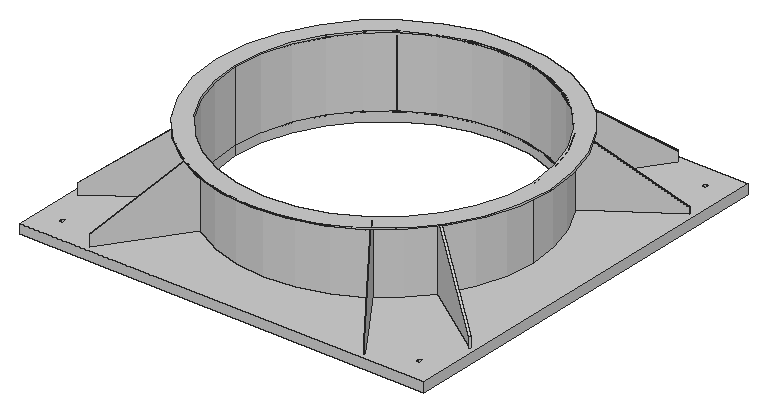
Revit family "ПК-ВО", category Арматура воздуховодов, Revit 2021
Family settings
  Размер круглого соединителя = Использовать диаметр
  Тип детали = Присоединяется
  На основе рабочей плоскости = Нет
  Всегда вертикально = Да
  При загрузке вырезать с полостями = Нет
  Общий = Нет
Parameters (values of type "ПК-ВО-1250")
  Отметка по умолчанию = 0 mm
  Вес = "107 кг"
  h = 40 mm
  Maintenance zone material = none
  Load Classification = "HVAC"
  H = 340 mm
  Grid Material = Условный материал-отделка
  Dy = 1250 mm
  D2 = 1400 mm
  Dn = Dy + 10 mm  # 1260 mm
  Casing Material = Условный материал-отделка
  B = 1700 mm
  A = 1500 mm
  K = (B - Dn) / 2 + (0.1 * Dn) + 30 mm  # 376 mm
  k = Dn / 2  # 630 mm
  09_System_Name [instance] = ""
  00_20_Type = "ПК-ВО-1250"
  00_20_Name = "Даховий перехідник"
  00_20_Manufacturer = "Вентс"  # constant formula
Types (12, lengths in mm): name | Вес | h | H | Dy | D2 | Dn | B | A | K | k | 00_20_Type
  (no name) | "107 кг" | 40 | 340 | 1250 | 1400 | 1260 | 1700 | 1500 | 376 | 630 | "ПК-ВО-1250"
  ПК-ВО-400 | "17.5 кг" | 20 | 170 | 400 | 490 | 410 | 701 | 580 | 216.5 | 205 | "ПК-ВО-400"
  ПК-ВО-450 | "16.5 кг" | 20 | 170 | 450 | 540 | 460 | 701 | 580 | 196.5 | 230 | "ПК-ВО-450"
  ПК-ВО-1250 | "107 кг" | 40 | 340 | 1250 | 1400 | 1260 | 1700 | 1500 | 376 | 630 | "ПК-ВО-1250"
  ПК-ВО-1120 | "91.3 кг" | 40 | 340 | 1120 | 1270 | 1130 | 1510 | 1340 | 333 | 565 | "ПК-ВО-1120"
  ПК-ВО-500 | "20.3 кг" | 20 | 170 | 500 | 600 | 510 | 770 | 640 | 211 | 255 | "ПК-ВО-500"
  ПК-ВО-560 | "27.2 кг" | 20 | 170 | 560 | 660 | 570 | 920 | 750 | 262 | 285 | "ПК-ВО-560"
  ПК-ВО-630 | "25.5 кг" | 20 | 170 | 630 | 730 | 640 | 920 | 750 | 234 | 320 | "ПК-ВО-630"
  ПК-ВО-710 | "53 кг" | 40 | 290 | 710 | 810 | 720 | 1150 | 980 | 317 | 360 | "ПК-ВО-710"
  ПК-ВО-800 | "51.1 кг" | 40 | 290 | 800 | 900 | 810 | 1150 | 980 | 281 | 405 | "ПК-ВО-800"
  ПК-ВО-900 | "54.5 кг" | 40 | 290 | 900 | 1015 | 910 | 1220 | 1050 | 276 | 455 | "ПК-ВО-900"
  ПК-ВО-1000 | "93.4 кг" | 40 | 340 | 1000 | 1115 | 1010 | 1510 | 1340 | 381 | 505 | "ПК-ВО-1000"
Reference planes
  plane 1 "По центру (Вперед/Назад)": y = 0
  plane 2: z = 0
  plane 3 "По центру (Влево/Вправо)": x = 0
  plane 4: y = 850
  plane 5: y = -850
  plane 6: x = 850
  plane 7: x = -850
  plane 8: z = 340
  plane 9: x = -750
  plane 10: x = 750
  plane 11: y = -750
  plane 12: y = 750
  plane 13: x = -630
  plane 14: x = 630
  plane 15 "55": through (0, 0, 1200) normal (-0.5736, 0.8192, 0)
  plane 16 "325": through (0, 0, 165) normal (0.8192, 0.5736, 0)
  plane 17 "35": through (0, 0, 1200) normal (-0.8192, 0.5736, 0)
  plane 18 "305": through (0, 0, 20) normal (-0.5736, -0.8192, 0)
Forms (mm)
  Extrusion 1, solid, material "Условный материал-отделка" <- "Casing Material"
    sketch origin (0, 0, 0) x (1, 0, 0) y (0, 1, 0)
      loop
        line (-850, 850) -> (-850, -850) -> (850, -850) -> (850, 850) -> (-850, 850)
      loop
        circle (0, 0) r 625
      loop
        circle (-750, 750) r 8.5
      loop
        circle (750, 750) r 8.5
      loop
        circle (750, -750) r 8.5
      loop
        circle (-750, -750) r 8.5
    from 0 to 40
  Extrusion 2, solid, material "Условный материал-отделка" <- "Casing Material"
    sketch origin (0, 0, 0) x (1, 0, 0) y (0, 1, 0)
      loop
        circle (0, 0) r 630
      loop
        circle (0, 0) r 625
    from 40 <- "h" to 335
  Extrusion 3, solid, material "Условный материал-отделка" <- "Casing Material"
    sketch origin (0, 0, 0) x (1, 0, 0) y (0, 1, 0)
      loop
        circle (0, 0) r 700
      loop
        circle (0, 0) r 625
    from 335 to 340
  Extrusion 4, solid, material "Условный материал-отделка" <- "Casing Material"
    sketch origin (-2.196, -1.537, -14.136) x (-0.819152, -0.573576, 0) y (0, 0, 1)
      loop
        line (639.84, 349.136) -> (627.319, 349.136) -> (627.319, 54.136) -> (1003.319, 54.136) -> (1003.319, 97.085) -> (639.84, 349.136)
    from -2.5 to 2.5
  Extrusion 5, solid, material "Условный материал-отделка" <- "Casing Material"
    sketch origin (2.196, 1.537, -14.136) x (0.819152, 0.573576, 0) y (0, 0, -1)
      loop
        line (639.84, -349.136) -> (1003.319, -77.085) -> (1003.319, -54.136) -> (627.319, -54.136) -> (627.319, -349.136) -> (639.84, -349.136)
    from -2.5 to 2.5
  Extrusion 6, solid, material "Условный материал-отделка" <- "Casing Material"
    sketch origin (0, 0, 0) x (-0.573576, -0.819152, 0) y (0, 0, 1)
      loop
        line (-642.52, 335) -> (-1006, 82.949) -> (-1006, 40) -> (-630, 40) -> (-630, 335) -> (-642.52, 335)
    from -2.5 to 2.5
  Extrusion 7, solid, material "Условный материал-отделка" <- "Casing Material"
    sketch origin (0, 0, 0) x (0.573576, 0.819152, 0) y (0, 0, -1)
      loop
        line (-642.52, -335) -> (-630, -335) -> (-630, -40) -> (-1006, -40) -> (-1006, -82.949) -> (-642.52, -335)
    from -2.5 to 2.5
  Extrusion 8, solid, material "Условный материал-отделка" <- "Casing Material"
    sketch origin (0, 0, 0) x (0, 0, 1) y (0.573576, -0.819152, 0)
      loop
        line (335, 642.52) -> (82.949, 1006) -> (40, 1006) -> (40, 630) -> (335, 630) -> (335, 642.52)
      loop
        line (335, -642.52) -> (335, -630) -> (40, -630) -> (40, -1006) -> (82.949, -1006) -> (335, -642.52)
    from -2.5 to 2.5
  Extrusion 9, solid, material "Условный материал-отделка" <- "Casing Material"
    sketch origin (0, 0, 0) x (0, 0, -1) y (0.819152, -0.573576, 0)
      loop
        line (-335, 642.52) -> (-335, 630) -> (-40, 630) -> (-40, 1006) -> (-82.949, 1006) -> (-335, 642.52)
      loop
        line (-335, -642.52) -> (-82.949, -1006) -> (-40, -1006) -> (-40, -630) -> (-335, -630) -> (-335, -642.52)
    from -2.5 to 2.5
Dimensions and locks
  equal spacing: plane 7, plane 3 "По центру (Влево/Вправо)", plane 6
  equal spacing: plane 4, plane 1 "По центру (Вперед/Назад)", plane 5
  "B": plane 7 to plane 6
  "B": plane 4 to plane 5
  "h": level to Extrusion 1
  "H": level to plane 8
  locked: Extrusion 3 to plane 8 at 5
  equal spacing: plane 9, plane 3 "По центру (Влево/Вправо)", plane 10
  "A": plane 9 to plane 10
  equal spacing: plane 12, plane 1 "По центру (Вперед/Назад)", plane 11
  "A": plane 12 to plane 11
  equal spacing: plane 13, plane 3 "По центру (Влево/Вправо)", plane 14
  "Dn": plane 13 to plane 14
  "k": Extrusion 4 sketch curve to plane 16 "325"
  "k": plane 16 "325" to Extrusion 5 sketch curve
  "k": plane 18 "305" to Extrusion 6 sketch curve
  "K": Extrusion 6 sketch curve to Extrusion 6 sketch curve
  "K": Extrusion 5 sketch curve to Extrusion 5 sketch curve
  "K": Extrusion 4 sketch curve to Extrusion 4 sketch curve
  "K": Extrusion 7 sketch curve to Extrusion 7 sketch curve
  "k": Extrusion 7 sketch curve to plane 18 "305"
  "k": plane 15 "55" to Extrusion 8 sketch curve
  "K": Extrusion 8 sketch curve to Extrusion 8 sketch curve  (x2)
  "k": Extrusion 8 sketch curve to plane 15 "55"
  "K": Extrusion 9 sketch curve to Extrusion 9 sketch curve  (x2)
  "k": Extrusion 9 sketch curve to plane 17 "35"
  "k": plane 17 "35" to Extrusion 9 sketch curve
  "Dy": diameter of Extrusion 1 sketch curve
  "Dn": diameter of Extrusion 2 sketch curve
  "Dy": diameter of Extrusion 2 sketch curve
  "Dy": diameter of Extrusion 3 sketch curve
  "D2": diameter of Extrusion 3 sketch curve
  aligned and locked: level to plane 2
  aligned and locked: Extrusion 1 sketch curve to plane 4
  aligned and locked: plane 7 to Extrusion 1 sketch curve
  aligned and locked: plane 5 to Extrusion 1 sketch curve
  aligned and locked: Extrusion 1 sketch curve to plane 6
  aligned and locked: plane 8 to Extrusion 3
  aligned and locked: Extrusion 2 to Extrusion 3
  aligned and locked: Extrusion 4 sketch curve to Extrusion 1
  aligned and locked: Extrusion 4 sketch curve to Extrusion 3
  aligned and locked: Extrusion 1 to Extrusion 6 sketch curve
  aligned and locked: Extrusion 3 to Extrusion 6 sketch curve
  aligned and locked: Extrusion 1 to Extrusion 5 sketch curve
  aligned and locked: Extrusion 3 to Extrusion 5 sketch curve
  aligned and locked: Extrusion 7 sketch curve to Extrusion 1
  aligned and locked: Extrusion 7 sketch curve to Extrusion 3
  aligned and locked: Extrusion 3 to Extrusion 8 sketch curve
  aligned and locked: Extrusion 1 to Extrusion 8 sketch curve
  aligned and locked: Extrusion 8 sketch curve to Extrusion 1
  aligned and locked: Extrusion 8 sketch curve to Extrusion 3
  aligned and locked: Extrusion 9 sketch curve to Extrusion 3
  aligned and locked: Extrusion 9 sketch curve to Extrusion 1
  aligned and locked: Extrusion 3 to Extrusion 9 sketch curve
  aligned and locked: Extrusion 1 to Extrusion 9 sketch curve
Automatic sketch dimensions
  Extrusion 1 sketch curve to plane 9 = 0 mm  (x2)
  plane 1 "По центру (Вперед/Назад)" to Extrusion 1 sketch curve = 0 mm
  Extrusion 1 sketch curve to plane 3 "По центру (Влево/Вправо)" = 0 mm
  Extrusion 1 sketch curve to plane 10 = 0 mm  (x2)
  plane 11 to Extrusion 1 sketch curve = 0 mm
  Extrusion 1 sketch curve to plane 11 = 0 mm
  Extrusion 1 sketch curve to plane 12 = 0 mm
  plane 12 to Extrusion 1 sketch curve = 0 mm
  Extrusion 2 sketch curve to Extrusion 2 sketch curve = 0 mm  (x2)
  plane 1 "По центру (Вперед/Назад)" to Extrusion 2 sketch curve = 0 mm
  Extrusion 2 sketch curve to plane 3 "По центру (Влево/Вправо)" = 0 mm
  Extrusion 3 sketch curve to Extrusion 3 sketch curve = 0 mm  (x2)
  plane 1 "По центру (Вперед/Назад)" to Extrusion 3 sketch curve = 0 mm
  Extrusion 3 sketch curve to plane 3 "По центру (Влево/Вправо)" = 0 mm
  Extrusion 4 sketch curve to Extrusion 4 sketch curve = 12.52 mm
  Extrusion 4 sketch curve to Extrusion 4 sketch curve = 42.949 mm
  Extrusion 5 sketch curve to Extrusion 5 sketch curve = 12.52 mm
  Extrusion 5 sketch curve to Extrusion 5 sketch curve = 22.949 mm
  Extrusion 6 sketch curve to Extrusion 6 sketch curve = 12.52 mm
  Extrusion 6 sketch curve to Extrusion 6 sketch curve = 42.949 mm
  Extrusion 7 sketch curve to Extrusion 7 sketch curve = 12.52 mm
  Extrusion 7 sketch curve to Extrusion 7 sketch curve = 42.949 mm
  Extrusion 8 sketch curve to Extrusion 8 sketch curve = 42.949 mm  (x2)
  Extrusion 8 sketch curve to Extrusion 8 sketch curve = 12.52 mm  (x2)
  Extrusion 9 sketch curve to Extrusion 9 sketch curve = 42.949 mm  (x2)
  Extrusion 9 sketch curve to Extrusion 9 sketch curve = 12.52 mm  (x2)
  radius of Extrusion 1 sketch curve = 8.5 mm  (x4)
